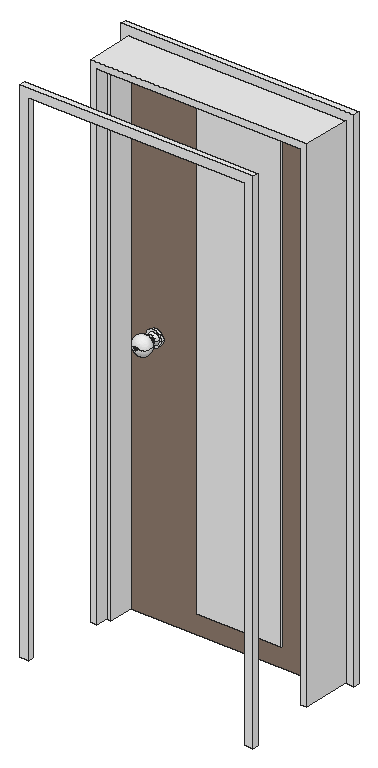
Revit family "0031_M_DR_W_MR_방화문_코어용", category 문, Revit 2026
Family settings
  호스트 = 벽
  항상 수직 = 예
  로드될 때 보이드를 사용하여 절단 = 아니오
  공유 = 아니오
  룸 계산 점 = 아니오
Parameters (values of type "900x2100")
  기능 = 내부
  swing_angle [instance] = 90.00°
  decoration_material = Metal_door_frame
  Panel_Material = Panel_Door_frame
  Handel_Material = Metal_door_frame
  Frame_material = Metal_door_frame
  Frame Projection Ext. = 25 mm
  Frame Projection Int. = 25 mm
  Frame Width = 35 mm
  높이 = 2100 mm
  벽 마무리 = 호스트별
  폭 = 900 mm
  Door_Panel_Width = 폭 - 50 mm  # 850 mm
  Assembly Code = ""
Types (2, lengths in mm): name | 폭 | Door_Panel_Width
  1000x2100 | 1000 | 950
  900x2100 | 900 | 850
Reference planes
  plane 1: y = 0
  plane 2 "Center (Left/Right)": x = 0
  plane 3 "Left": x = -450
  plane 4 "Right": x = 450
  plane 5: z = 2100
  plane 6 "Exterior": y = 250
  plane 7 "Interior": y = -250
  plane 8 "handle": z = 1050
Forms (mm)
  Extrusion 1, solid, material "Metal_door_frame" <- "Frame_material"
    sketch origin (-3050, -250, 0) x (1, 0, 0) y (0, 0, 1)
      loop
        line (2565, 0) -> (2600, 0) -> (2600, 2100) -> (3500, 2100) -> (3500, 0) -> (3535, 0) -> (3535, 2135) -> (2565, 2135) -> (2565, 0)
    from 0 to 25
  Extrusion 2, solid, material "Metal_door_frame" <- "Frame_material"
    sketch origin (-3050, 250, 0) x (-1, 0, 0) y (0, 0, 1)
      loop
        line (-2600, 0) -> (-2565, 0) -> (-2565, 2135) -> (-3535, 2135) -> (-3535, 0) -> (-3500, 0) -> (-3500, 2100) -> (-2600, 2100) -> (-2600, 0)
    from 0 to 25
  Sweep 3, solid, material "Metal_door_frame" <- "Frame_material"
    path origin (0, 250, 0) x (1, 0, 0) y (0, 0, 1)
      loop
        line (450, 0) -> (450, 2100) -> (-450, 2100) -> (-450, 0)
    profile origin (450, 250, 1050) x (-1, 0, 0) y (0, -1, 0)
      loop
        line (45, 50) -> (45, 150) -> (25, 150) -> (25, 200) -> (0, 200) -> (0, 0) -> (25, 0) -> (25, 50) -> (45, 50)
  Extrusion 4, solid, material "Panel_Door_frame" <- "Panel_Material"
    sketch origin (0, 250, 0) x (1, 0, 0) y (0, 0, 1)
      loop
        line (425, 2075) -> (-425, 2075) -> (-425, 0) -> (425, 0) -> (425, 2075)
    from 0 to 50
  Revolve 5, solid, material "Metal_door_frame" <- "Handel_Material"
    sketch origin (0, 0, 1050) x (1, 0, 0) y (0, 1, 0)
      loop
        line (-332.708, 250) -> (-300, 250) -> (-300, 344.095) -> (-307.578, 344.095) -> (-307.578, 349.095)
        arc (-307.578, 349.095) -> (-337.578, 319.095) -> (-307.578, 289.095) r 30
        line (-307.578, 289.095) -> (-307.578, 274.095) -> (-317.578, 274.095) -> (-322.708, 260) -> (-332.708, 260) -> (-332.708, 250)
      loop
        line (-332.708, 200) -> (-332.708, 190) -> (-322.708, 190) -> (-317.578, 175.905) -> (-307.578, 175.905) -> (-307.578, 160.905)
        arc (-307.578, 160.905) -> (-337.578, 130.905) -> (-307.578, 100.905) r 30
        line (-307.578, 100.905) -> (-307.578, 105.905) -> (-300, 105.905) -> (-300, 200) -> (-332.708, 200)
      axis (-300, 349.095) -> (-300, 100.905)
    angle from 0 to 360
  Extrusion 6, solid, material "Metal_door_frame" <- "decoration_material"
    sketch origin (0, 250, 0) x (1, 0, 0) y (0, 0, 1)
      loop
        line (-125, 1995) -> (-125, 80) -> (225, 80) -> (225, 1995) -> (-125, 1995)
    from 0 to -5
  Extrusion 7, solid, material "Metal_door_frame" <- "decoration_material"
    sketch origin (0, 50, 0) x (1, 0, 0) y (0, 0, -1)
      loop
        line (-125, -1995) -> (225, -1995) -> (225, -80) -> (-125, -80) -> (-125, -1995)
    from 150 to 145
Lines and regions (mm)
  Opening 1
    outline origin (-3050, -250, 0) x (1, 0, 0) y (0, 0, 1)
      loop
        line (2600, 0) -> (3500, 0) -> (3500, 2100) -> (2600, 2100) -> (2600, 0)
  symbolic lines, style "Elevation Swing"
    curve 1: line (450, -250, 1050) -> (-775, -250, 2100)
    curve 2: line (450, -250, 1050) -> (-450, -250, 0)
    curve 3: line (-450, 250, 0) -> (450, 250, 1050)
    curve 4: line (450, 250, 1050) -> (-450, 250, 1821.429)
  symbolic lines, style "Plan Swing"
    curve 5: line (375, 1100, 0) -> (375, 250, 0)
    curve 6: line (425, 1100, 0) -> (375, 1100, 0)
    curve 7: line (425, 250, 0) -> (425, 1100, 0)
    curve 8: line (375, 250, 0) -> (425, 250, 0)
    curve 9: arc (425, 1100, 0) -> (-176.041, 851.041, 0) -> (-425, 250, 0) r 850
Text (mm)
  text "Exterior" at (-2295.016, 1099.543, 0), in view "Ref. Level"
  text "Exterior" at (0, 1615.38, 3698.081), in view "Left"
  text "Exterior" at (0, 1036.032, 3874.932), in view "Right"
Dimensions and locks
  equal spacing: plane 3 "Left", plane 2 "Center (Left/Right)", plane 4 "Right"
  "폭": plane 3 "Left" to plane 4 "Right"
  "높이": plane 5 to host wall
  equal spacing: host wall, curve 2, plane 5
  equal spacing: host wall, curve 4, plane 5
  "Frame Projection Ext.": Extrusion 2 to Extrusion 2
  "Frame Projection Int.": Extrusion 1 to Extrusion 1
  "Frame Width": plane 3 "Left" to Extrusion 1 sketch curve
  "Frame Width": plane 4 "Right" to Extrusion 1 sketch curve
  "Frame Width": Extrusion 1 sketch curve to plane 5
  "Frame Width": plane 4 "Right" to Extrusion 2 sketch curve
  "Frame Width": plane 3 "Left" to Extrusion 2 sketch curve
  "Frame Width": plane 5 to Extrusion 2 sketch curve
  locked: plane 6 "Exterior" to host wall at 0
  locked: plane 7 "Interior" to host wall
  locked: Sweep 3 sketch curve to Sweep 3 sketch curve at 200
  locked: Sweep 3 sketch curve to Sweep 3 sketch curve at 50
  locked: Sweep 3 sketch curve to Sweep 3 sketch curve at 100
  locked: curve 5 to curve 7 at 50
  "Door_Panel_Width": curve 8 to curve 6
  level to plane 5 = 2100 mm
  equal spacing: level, plane 8 "handle", plane 5
  locked: plane 3 "Left" to Revolve 5 sketch curve at 150
  locked: Extrusion 6 sketch curve to Extrusion 4 at 80
  locked: Extrusion 4 to Extrusion 6 sketch curve at 200
  locked: Extrusion 4 to Extrusion 6 sketch curve at 80
  locked: Extrusion 6 sketch curve to Extrusion 6 sketch curve at 350
  locked: Extrusion 7 sketch curve to Extrusion 7 sketch curve at 350
  locked: Extrusion 6 to Extrusion 4 at 5
  locked: Extrusion 7 to Extrusion 7 at 5
  aligned and locked: plane 3 "Left" to Opening 1 sketch curve
  aligned and locked: plane 5 to Opening 1 sketch curve  (x2)
  aligned and locked: Opening 1 sketch curve to plane 4 "Right"
  aligned and locked: Opening 1 sketch curve to level
  aligned and locked: level to Extrusion 1 sketch curve
  aligned and locked: plane 5 to Extrusion 1 sketch curve  (x2)
  aligned and locked: Extrusion 1 sketch curve to plane 4 "Right"
  aligned and locked: plane 3 "Left" to Extrusion 1 sketch curve
  aligned and locked: plane 3 "Left" to Extrusion 2 sketch curve
  aligned and locked: plane 5 to Extrusion 2 sketch curve  (x2)
  aligned and locked: level to Extrusion 2 sketch curve
  aligned and locked: plane 5 to curve 1
  aligned and locked: plane 3 "Left" to curve 2
  aligned and locked: plane 1 to host wall
  aligned and locked: Extrusion 4 to plane 6 "Exterior"
  aligned and locked: Extrusion 6 to Extrusion 4
  aligned and locked: Extrusion 7 to Extrusion 4
  aligned and locked: Extrusion 6 to Extrusion 7
  aligned and locked: Revolve 5 sketch curve to Extrusion 4
Automatic sketch dimensions
  curve 4 to plane 3 "Left" = 0 mm
  curve 3 to level = 0 mm
  curve 2 to level = 0 mm
  curve 3 to plane 3 "Left" = 0 mm
  curve 3 to plane 4 "Right" = 0 mm
  curve 2 to plane 4 "Right" = 0 mm
  Extrusion 1 sketch curve to level = 0 mm
  Extrusion 2 sketch curve to plane 4 "Right" = 0 mm
  Extrusion 2 sketch curve to level = 0 mm
  Sweep 3 sketch curve to plane 3 "Left" = 0 mm
  Sweep 3 sketch curve to plane 4 "Right" = 0 mm
  Sweep 3 sketch curve to level = 0 mm  (x2)
  Sweep 3 sketch curve to plane 5 = 0 mm
  Sweep 3 sketch curve to plane 6 "Exterior" = 0 mm
  Sweep 3 sketch curve to profile plane = 0 mm
  Sweep 3 sketch curve to Sweep 3 sketch curve = 25 mm  (x2)
  Sweep 3 sketch curve to Sweep 3 sketch curve = 20 mm
  curve 9 to host wall = 0 mm
  curve 5 to host wall = 0 mm
  curve 9 to plane 3 "Left" = 25 mm
  Extrusion 4 sketch curve to level = 0 mm
  Extrusion 4 sketch curve to plane 3 "Left" = 25 mm
  plane 4 "Right" to Extrusion 4 sketch curve = 25 mm
  plane 5 to Extrusion 4 sketch curve = 25 mm
  Extrusion 7 sketch curve to plane 2 "Center (Left/Right)" = 125 mm
  plane 5 to Extrusion 7 sketch curve = 105 mm
  level to Extrusion 7 sketch curve = 80 mm
  Revolve 5 sketch curve to host wall = 0 mm
  Revolve 5 sketch curve to plane 3 "Left" = 142.422 mm  (x2)
  host wall to Revolve 5 sketch curve = 24.095 mm
  Revolve 5 sketch curve to Revolve 5 sketch curve = 10 mm  (x5)
  Revolve 5 sketch curve to Revolve 5 sketch curve = 5.13 mm  (x2)
  Revolve 5 sketch curve to Revolve 5 sketch curve = 22.708 mm
  Revolve 5 sketch curve to Revolve 5 sketch curve = 7.578 mm
  Revolve 5 sketch curve to Revolve 5 sketch curve = 25 mm
  Revolve 5 sketch curve to Revolve 5 sketch curve = 5 mm  (x2)
  host wall to Revolve 5 sketch curve = 171.598 mm
  Revolve 5 sketch curve to Revolve 5 sketch curve = 15 mm  (x2)
  Revolve 5 sketch curve to Revolve 5 sketch curve = 14.095 mm
  host wall to Revolve 5 sketch curve = 10 mm
  Revolve 5 sketch curve to Revolve 5 sketch curve = 30 mm
  Revolve 5 sketch curve to Revolve 5 sketch curve = 164.306 mm
